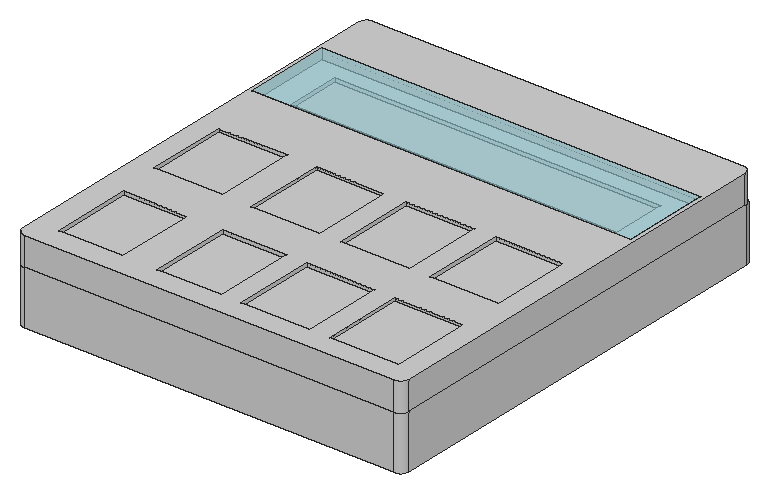
Revit family "Building-IEC309Boards-GEWISS-68QDIN-DISTRIBUTION-BOARD-20MOD_8SOCKET-OUTLETS", category Apparecchi elettrici, host Superficie, Revit 2019
Family settings
  Host = Superficie
  Mantenere orientamento annotazione = Sì
  Quota connettore circolare = Usa diametro
  Tipo di parte = Normale
  Taglio con vuoti quando caricato = No
  Condiviso = No
  Punto di calcolo locali = Sì
Parameters (values of type "GW68013N - Q-DIN 20M 8 FLANGES S.O.16/32A IP65")
  visibilita posizionamento 2d [instance] = yes
  simbolo 2d [instance] = yes
  oggetto in pianta [instance] = not(visibilita posizionamento 2d)  # no
  distanza_simbolo [instance] = 0.1 mm
  bordo acceso [instance] = yes
  Visibilità sportello [instance] = yes
  Version type = "Empty"
  Version file RFA = "21.5"
  VETRO = Vetro
  URL = "https://www.gewiss.com/ww/en"
  Thermo-pressure with ball = "70 °C"
  Technical sheet = "https://www.gewiss.com/ww/en/search?q=GW68013N"
  Spostamento_effettivo_S [instance] = 4000 mm - Spostamento_S  # 3000 mm
  Spostamento_S = 1000 mm
  Simbolo_quadro [instance] = not(simbolo 2d)  # no
  Shock resistance = "IK08"
  STRUTTURA ALTA = Poche
  STRUTTURA = RAL - 7035
  SEO = "Board"
  Realized by GEWISS S.p.A. = ""
  Default Elevation = 1219.2 mm
  Produttore = "GEWISS S.p.A."
  PRESA = rosso
  POMELLO = bianco
  Operating temperature: = "-25 +40 °C"
  No. of provided blank lids = "2 IEC 16/32A"
  No. of modules EN 50022 = "20"
  N_Moduli = 20 mm
  Modello = "GW68013N"
  L_Moduli = N_Moduli * 19  # 380 mm
  Insulation class = "II"
  Installation type = "Surface-mounting"
  Immagine tipo = GW68013N.jpg
  IP degree = "IP65"
  IDT = "3b58a0f8-96cf-43f3-8e98-bcad634a41cb"
  IDF = "932c51f8-d567-42c7-b29d-d2d051754dad"
  Houseable socket = "8 IEC 309 16/32A IP44/67"
  Glow Wire Test = "650°C"
  Electrocod = "2242"
  EAN code = "8011564744905"
  Dispersible power B (W) = "92"
  Dispersible power A (W) = "30"
  Descrizione = "Q-DIN 20M 8 FLANGES S.O.16/32A IP65"
  Colour = "Grey RAL 7035"
  Catalogue Range = "68 QDIN"
  Catalogue = "BUILDING"
  COBie.Tagnumber = ""
  COBie.CreatedOn = ""
  COBie.CreatebBy = ""
  COBie.ComponentRegisterItemID = ""
  COBie.Component.TagNumber = ""
  COBie.Component.Space = ""
  COBie.Component.SerialNumber = ""
  COBie.Component.InstallationDate = ""
  COBie.Component.Description = ""
  COBie.Component.BarCode = ""
  Accordance with Standards = "EN 60208 - EN 60670-1 - IEC 60670-24"
Reference planes
  plane 1 "Centro (Fronte/Retro)": y = 0
  plane 2: z = 0
  plane 3 "Centro (Sinistra/Destra)": x = 0
  plane 4: x = -3000
  plane 5: x = 0
Forms (mm)
  Extrusion 1, solid, detail levels coarse
    sketch origin (0, 0, 0) x (1, 0, 0) y (0, 1, 0)
      loop
        line (-225, 0) -> (225, 0) -> (225, 509) -> (-225, 509) -> (-225, 0)
    from 0 to 96
Lines and regions (mm)
  Masking region 1, visible <- "visibilita posizionamento 2d"
    outline origin (0, 0, 0) x (1, 0, 0) y (0, 0, 1)
      loop
        line (-225, 0) -> (223.1, 0) -> (223.1, 96) -> (-225, 96) -> (-225, 0)
Dimensions and locks
  plane 4 to plane 3 "Centro (Sinistra/Destra)" = 3000 mm
  "Spostamento_effettivo_S": plane 4 to plane 5
  plane 3 "Centro (Sinistra/Destra)" to Extrusion 1 = 225 mm
  aligned and locked: plane 2 to host face
  aligned and locked: level to host face
  aligned and locked: nested 1 to plane 5
  aligned and locked: nested 3 to plane 5
  aligned and locked: nested 2 to plane 5
  aligned and locked: plane 1 "Centro (Fronte/Retro)" to nested 2
  aligned and locked: plane 3 "Centro (Sinistra/Destra)" to nested 2
  aligned and locked: Masking region 1 to nested 2  (x2)
Automatic sketch dimensions
  host sketch curve to host sketch curve = 2438.4 mm  (x2)
  Masking region 1 sketch curve to level = 0 mm
  Masking region 1 sketch curve to plane 3 "Centro (Sinistra/Destra)" = 225 mm
  plane 3 "Centro (Sinistra/Destra)" to Masking region 1 sketch curve = 223.1 mm
  Masking region 1 sketch curve to Masking region 1 sketch curve = 96 mm
  plane 1 "Centro (Fronte/Retro)" to Extrusion 1 sketch curve = 0 mm
  Extrusion 1 sketch curve to plane 3 "Centro (Sinistra/Destra)" = 225 mm
  plane 3 "Centro (Sinistra/Destra)" to Extrusion 1 sketch curve = 225 mm
  Extrusion 1 sketch curve to Extrusion 1 sketch curve = 509 mm
Nested families
  nested 1: "CENTRALINO" at (0, 737.795, 0), BORDO ACCESO <- "bordo acceso", SIMBOLO ACCESO <- "simbolo 2d", Distanza dal muro <- "distanza_simbolo", visible <- "simbolo 2d", type "CENTRALINO"
    with SIMBOLO ACCESO yes, Distanza dal muro 0.1 mm, BORDO ACCESO yes
  nested 2: "68QDIN20 QUADRO DISTRIBUZ X 8 PRESE IND_BASE" at (0, 317, 0), Visibilita sportello <- "Visibilità sportello", type "68QDIN20 QUADRO DISTRIBUZ X 8 PRESE IND_BASE", detail levels medium+fine
  nested 3: "simb_CENTRALINO_BASE_cad pro" at (0, 737.795, 0), Distanza dal muro <- "distanza_simbolo", visible <- "Simbolo_quadro", SIMBOLO ACCESO <- "Simbolo_quadro", type "simb_CENTRALINO_BASE_cad pro"
    with SIMBOLO ACCESO no, Distanza dal muro 0.1 mm, BORDO ACCESO yes
Definition of nested family "68QDIN20 QUADRO DISTRIBUZ X 8 PRESE IND_BASE"
  Parameters (values of type "68QDIN20 QUADRO DISTRIBUZ X 8 PRESE IND_BASE")
    n_moduli = 380 mm
    h_moduli = 64 mm
    Visibilita sportello [instance] = yes
    Vetro = none
    Struttura = none
    Spessore = 96 mm
    Default Elevation = 14 mm
    Presa = none
    Larghezza = 450 mm
    IFC.TypeObject = ""
    IFC.ExportType = ""
    IFC.ExportAs = ""
    H_da terra = 589.057 mm
    COBie.CreatedOn = ""
    COBie.CreatebBy = ""
    COBie.ComponentRegisterItemID = ""
    COBie.Component.TagNumber = ""
    COBie.Component.Space = ""
    COBie.Component.SerialNumber = ""
    COBie.Component.InstallationDate = ""
    COBie.Component.Description = ""
    COBie.Component.BarCode = ""
    Altezza scatole = 350 mm
    Altezza quadro = 150 mm
    Altezza = 258 mm
  Reference planes
    plane 1 "Centro (Fronte/Retro)": y = 0
    plane 2: z = 0
    plane 3 "Centro (Sinistra/Destra)": x = 0
    plane 4: z = 69.589
    plane 5: z = 115.626
    plane 6: z = 63
    plane 7: x = -225
    plane 8: x = 225
    plane 9: x = -221
    plane 10: x = 221
    plane 11: y = 123.21
    plane 12: y = 21.246
    plane 13: y = 0
    plane 14: y = -146
    plane 15: y = -51
    plane 16: y = -317
    plane 17: y = 192
    plane 18: z = 58
    plane 19: y = 103
    plane 20: y = 39
    plane 21: z = 92.059
    plane 22: z = 96
    plane 23 "posizionamento moduli": z = 84.734
    plane 24: z = 80.558
    plane 25: y = 71
    plane 26: x = 223.1
    plane 27: y = -196.2
    plane 28: x = -206
    plane 29: x = 206
    plane 30: x = 201
    plane 31: y = -291.2
    plane 32: x = -190
    plane 33: x = 190
  Forms (mm)
    Extrusion 1, solid, material <- "Struttura"
      sketch origin (0, -857.311, 0) x (1, 0, 0) y (0, 1, 0)
        loop
          arc (-215, 1049.311) -> (-222.071, 1046.382) -> (-225, 1039.311) r 10
          line (-225, 1039.311) -> (-225, 550.311)
          arc (-225, 550.311) -> (-222.071, 543.24) -> (-215, 540.311) r 10
          line (-215, 540.311) -> (215, 540.311)
          arc (215, 540.311) -> (222.071, 543.24) -> (225, 550.311) r 10
          line (225, 550.311) -> (225, 1039.311)
          arc (225, 1039.311) -> (222.071, 1046.382) -> (215, 1049.311) r 10
          line (215, 1049.311) -> (-215, 1049.311)
      from 63 to 96
    Extrusion 2, solid, material <- "Struttura"
      sketch origin (0, -857.311, 0) x (1, 0, 0) y (0, 1, 0)
        loop
          line (217.45, 1049.311) -> (-221.38, 1049.311)
          arc (-221.38, 1049.311) -> (-223.94, 1048.251) -> (-225, 1045.691) r 3.62
          line (-225, 1045.691) -> (-225, 550.311)
          arc (-225, 550.311) -> (-222.071, 543.24) -> (-215, 540.311) r 10
          line (-215, 540.311) -> (215, 540.311)
          arc (215, 540.311) -> (222.071, 543.24) -> (225, 550.311) r 10
          line (225, 550.311) -> (225, 1041.76)
          arc (225, 1041.76) -> (222.789, 1047.099) -> (217.45, 1049.311) r 7.55
      from 0 to 63
    Extrusion 3, void
      sketch origin (0, -857.311, 0) x (1, 0, 0) y (0, 1, 0)
        loop
          line (-221, 980.52) -> (-221, 878.557) -> (221, 878.557) -> (221, 980.52) -> (-221, 980.52)
      from 69.589 to 96
    Extrusion 4, solid, material <- "Vetro", visible <- "Visibilita sportello", detail levels fine
      sketch origin (0, -857.311, 0) x (1, 0, 0) y (0, 1, 0)
        loop
          line (-221, 980.52) -> (-221, 878.557) -> (221, 878.557) -> (221, 980.52) -> (-221, 980.52)
      from 92.059 to 96
    Extrusion 5, void
      sketch origin (0, 0, 0) x (1, 0, 0) y (0, 1, 0)
        loop
          line (-190, 39) -> (190, 39) -> (190, 103) -> (-190, 103) -> (-190, 39)
      from 80.558 to 84.734
    Extrusion 6, solid
      sketch origin (0, 0, 0) x (1, 0, 0) y (0, 1, 0)
        loop
          line (-221, 123.21) -> (-221, 21.246) -> (221, 21.246) -> (221, 123.21) -> (-221, 123.21)
      from 80.558 to 84.734
    Extrusion 7, void
      sketch origin (0, 0, 84.734) x (0, -1, 0) y (1, 0, 0)
        loop
          line (51, -87.5) -> (146, -87.5) -> (146, -7.5) -> (51, -7.5) -> (51, -87.5)
        loop
          line (146, 16.75) -> (146, 96.75) -> (51, 96.75) -> (51, 16.75) -> (146, 16.75)
        loop
          line (51, 121) -> (146, 121) -> (146, 201) -> (51, 201) -> (51, 121)
        loop
          line (51, -201) -> (146, -201) -> (146, -121) -> (51, -121) -> (51, -201)
      from 7.325 to 11.266
    Extrusion 8, void
      sketch origin (0, -126, 84.734) x (0, -1, 0) y (1, 0, 0)
        loop
          line (70.2, -81) -> (165.2, -81) -> (165.2, -6) -> (70.2, -6) -> (70.2, -81)
        loop
          line (165.2, 17) -> (165.2, 97) -> (70.2, 97) -> (70.2, 17) -> (165.2, 17)
        loop
          line (70.2, 120) -> (165.2, 120) -> (165.2, 200) -> (70.2, 200) -> (70.2, 120)
        loop
          line (70.2, -196) -> (165.2, -196) -> (165.2, -121) -> (70.2, -121) -> (70.2, -196)
      from 7.325 to 11.266
  Cuts and joins
    Extrusion 3, Extrusion 7, Extrusion 8 cuts Extrusion 1
    Extrusion 5 cuts Extrusion 6
    Extrusion 5 cuts Extrusion 4
  Lines and regions (mm)
    model lines
      curve 1: line (-177.5, 71, 84.734) -> (182.5, 71, 84.734)
  Dimensions and locks
    plane 4 to plane 5 = 46.036 mm
    locked: plane 7 to plane 9 at 4
    locked: plane 10 to plane 8 at 4
    equal spacing: plane 7, plane 3 "Centro (Sinistra/Destra)", plane 8
    "Larghezza": plane 7 to plane 8
    plane 13 to plane 15 = 51 mm
    plane 1 "Centro (Fronte/Retro)" to plane 17 = 192 mm
    plane 16 to plane 13 = 317 mm
    plane 12 to plane 1 "Centro (Fronte/Retro)" = 21.246 mm
    plane 11 to plane 17 = 68.79 mm
    locked: plane 6 to plane 18 at 5
    "h_moduli": plane 19 to plane 20
    locked: plane 22 to plane 21 at 3.941
    plane 6 to plane 2 = 63 mm
    locked: plane 21 to plane 23 "posizionamento moduli" at 7.325
    locked: plane 23 "posizionamento moduli" to plane 24 at 4.176
    equal spacing: plane 19, plane 25, plane 20
    locked: plane 26 to plane 8 at 1.9
    plane 15 to plane 14 = 95 mm
    plane 27 to plane 14 = 50.2 mm
    plane 7 to plane 8 = 450 mm
    plane 16 to plane 17 = 509 mm
    cut or joined group of Extrusion 1, Extrusion 3, Extrusion 7, Extrusion 8 to cut or joined group of Extrusion 1, Extrusion 3, Extrusion 7, Extrusion 8 = 24 mm
    cut or joined group of Extrusion 1, Extrusion 3, Extrusion 7, Extrusion 8 to Extrusion 7 sketch curve = 24 mm
    Extrusion 7 sketch curve to Extrusion 7 sketch curve = 24.25 mm  (x2)
    plane 27 to plane 31 = 95 mm
    equal spacing: plane 32, plane 3 "Centro (Sinistra/Destra)", plane 33
    "n_moduli": plane 32 to plane 33
    radius of Extrusion 2 sketch curve = 10 mm  (x2)
    radius of Extrusion 2 sketch curve = 3.62 mm
    radius of Extrusion 2 sketch curve = 7.55 mm
    radius of Extrusion 1 sketch curve = 10 mm  (x4)
    aligned and locked: level to plane 2
    aligned and locked: cut or joined group of Extrusion 1, Extrusion 3, Extrusion 7, Extrusion 8 to plane 4
    aligned and locked: plane 7 to Extrusion 2 sketch curve
    aligned and locked: plane 8 to Extrusion 2 sketch curve
    aligned and locked: plane 8 to Extrusion 1 sketch curve
    aligned and locked: plane 7 to Extrusion 1 sketch curve
    aligned and locked: Extrusion 4 sketch curve to plane 9
    aligned and locked: Extrusion 4 sketch curve to plane 10
    aligned and locked: Extrusion 3 sketch curve to plane 9
    aligned and locked: Extrusion 3 sketch curve to plane 10
    aligned and locked: Extrusion 4 sketch curve to plane 11
    aligned and locked: Extrusion 4 sketch curve to plane 12
    aligned and locked: Extrusion 3 sketch curve to plane 11
    aligned and locked: Extrusion 3 sketch curve to plane 12
    aligned and locked: plane 16 to Extrusion 2 sketch curve
    aligned and locked: plane 1 "Centro (Fronte/Retro)" to plane 13
    aligned and locked: plane 17 to Extrusion 1 sketch curve
    aligned and locked: Extrusion 5 sketch curve to plane 19
    aligned and locked: Extrusion 5 sketch curve to plane 20
    aligned and locked: plane 23 "posizionamento moduli" to Extrusion 5
    aligned and locked: Extrusion 5 to plane 24
    aligned and locked: Extrusion 6 sketch curve to plane 11
    aligned and locked: Extrusion 6 sketch curve to plane 12
    aligned and locked: Extrusion 6 to plane 24
    aligned and locked: plane 23 "posizionamento moduli" to Extrusion 6
    aligned and locked: Extrusion 6 sketch curve to Extrusion 4  (x2)
    aligned and locked: curve 1 to plane 25
    aligned and locked: plane 16 to Extrusion 1 sketch curve
    aligned and locked: Extrusion 2 sketch curve to plane 17
    aligned and locked: Extrusion 7 sketch curve to plane 15
    aligned and locked: Extrusion 1 to Extrusion 7
    aligned and locked: Extrusion 7 to plane 21
    aligned and locked: Extrusion 7 sketch curve to plane 14  (x3)
    aligned and locked: Extrusion 8 sketch curve to plane 31  (x4)
    aligned and locked: Extrusion 5 sketch curve to plane 32
    aligned and locked: Extrusion 5 sketch curve to plane 33
  Automatic sketch dimensions
    Extrusion 7 sketch curve to plane 15 = 0 mm  (x2)
    plane 15 to Extrusion 7 sketch curve = 0 mm
    Extrusion 7 sketch curve to plane 14 = 0 mm
    Extrusion 7 sketch curve to plane 3 "Centro (Sinistra/Destra)" = 7.5 mm
    plane 29 to Extrusion 7 sketch curve = 5 mm
    plane 27 to Extrusion 8 sketch curve = 0 mm  (x4)
    plane 29 to Extrusion 8 sketch curve = 6 mm
    Extrusion 8 sketch curve to plane 3 "Centro (Sinistra/Destra)" = 6 mm
    plane 28 to Extrusion 8 sketch curve = 10 mm
    plane 3 "Centro (Sinistra/Destra)" to Extrusion 8 sketch curve = 17 mm
    Extrusion 8 sketch curve to Extrusion 8 sketch curve = 23 mm
    Extrusion 7 sketch curve to Extrusion 7 sketch curve = 80 mm  (x2)
    Extrusion 8 sketch curve to Extrusion 8 sketch curve = 80 mm
    Extrusion 7 sketch curve to Extrusion 7 sketch curve = 33.5 mm
    Extrusion 8 sketch curve to Extrusion 8 sketch curve = 75 mm
    Extrusion 8 sketch curve to Extrusion 8 sketch curve = 40 mm
    curve 1 to plane 32 = 12.5 mm
    plane 33 to curve 1 = 7.5 mm
Definition of nested family "CENTRALINO"
  Parameters (values of type "CENTRALINO")
    SIMBOLO ACCESO [instance] = yes
    Distanza dal muro [instance] = 0 mm
    BORDO ACCESO [instance] = yes
  Reference planes
    plane 1: y = 0
    plane 2: x = 0
  Dimensions and locks
    "Distanza dal muro": plane 1 to nested 1
    aligned and locked: plane 2 to nested 1
  Nested families
    nested 1: "CENTRALINO_BASE" at (0, 0, 0), BORDO ACCESO <- "BORDO ACCESO", visible <- "SIMBOLO ACCESO", type "CENTRALINO"
      with BORDO ACCESO yes
  Definition of nested family "CENTRALINO_BASE"
    Parameters (values of type "CENTRALINO")
      Distanza dal muro = 0 mm
      BORDO ACCESO [instance] = yes
    Reference planes
      plane 1: y = 0
      plane 2: x = 0
    Lines and regions (mm)
      detail lines, visible <- "BORDO ACCESO", not visible
        curve 1: line (-2.443, 10.208, 0) -> (2.057, 10.208, 0)
        curve 2: line (2.057, 10.208, 0) -> (2.057, 4.208, 0)
        curve 3: line (2.057, 4.208, 0) -> (-2.443, 4.208, 0)
        curve 4: line (-2.443, 4.208, 0) -> (-2.443, 10.208, 0)
        curve 5: line (-2.043, 9.808, 0) -> (1.657, 9.808, 0)
        curve 6: line (1.657, 9.808, 0) -> (1.657, 4.608, 0)
        curve 7: line (1.657, 4.608, 0) -> (-2.043, 4.608, 0)
        curve 8: line (-2.043, 4.608, 0) -> (-2.043, 9.808, 0)
      detail lines
        curve 9: line (0, 0.671, 0) -> (0, 0, 0)
        curve 10: line (0.659, 0.671, 0) -> (0.659, 1.33, 0)
        curve 11: line (0.659, 1.33, 0) -> (-0.659, 1.33, 0)
        curve 12: line (-0.659, 1.33, 0) -> (-0.659, 0.671, 0)
        curve 13: line (-0.659, 0.671, 0) -> (0.659, 0.671, 0)
        curve 14: line (0.497, 1.33, 0) -> (0.497, 2, 0)
        curve 15: line (0.167, 1.33, 0) -> (0.167, 2, 0)
        curve 16: line (-0.162, 1.33, 0) -> (-0.162, 2, 0)
        curve 17: line (-0.491, 1.33, 0) -> (-0.491, 2, 0)
Definition of nested family "simb_CENTRALINO_BASE_cad pro"
  Parameters (values of type "simb_CENTRALINO_BASE_cad pro")
    SIMBOLO ACCESO [instance] = yes
    Distanza dal muro [instance] = 0 mm
    BORDO ACCESO [instance] = yes
  Reference planes
    plane 1: y = 0
    plane 2: x = 0
  Dimensions and locks
    "Distanza dal muro": plane 1 to nested 1
    aligned and locked: plane 2 to nested 1
  Nested families
    nested 1: "CENTRALINO_BASE_cad pro" at (0, 0, 0), type "CENTRALINO"
  Definition of nested family "CENTRALINO_BASE_cad pro"
    Parameters (values of type "CENTRALINO")
      Distanza dal muro = 0 mm
    Reference planes
      plane 1: y = 0
      plane 2: x = 0
    Lines and regions (mm)
      detail lines
        curve 1: line (1.33, 1.33, 0) -> (2.109, 1.33, 0)
        curve 2: line (2.109, 1.33, 0) -> (2.109, 0, 0)
        curve 3: line (2.109, 0, 0) -> (1.33, 0, 0)
        curve 4: line (1.33, 0, 0) -> (-1.33, 1.33, 0)
        curve 5: line (-1.33, 1.33, 0) -> (1.33, 1.33, 0)
        curve 6: line (1.33, 1.33, 0) -> (1.33, 0, 0)
        curve 7: line (1.33, 0, 0) -> (-1.33, 0, 0)
        curve 8: line (-1.33, 0, 0) -> (-1.33, 1.33, 0)
        curve 9: line (1.461, 0.665, 0) -> (1.977, 0.665, 0)
        curve 10: line (1.719, 0.665, 0) -> (1.719, 1.01, 0)
        curve 11: arc (1.977, 0.406, 0) -> (1.719, 0.665, 0) -> (1.461, 0.406, 0) r 0.258
